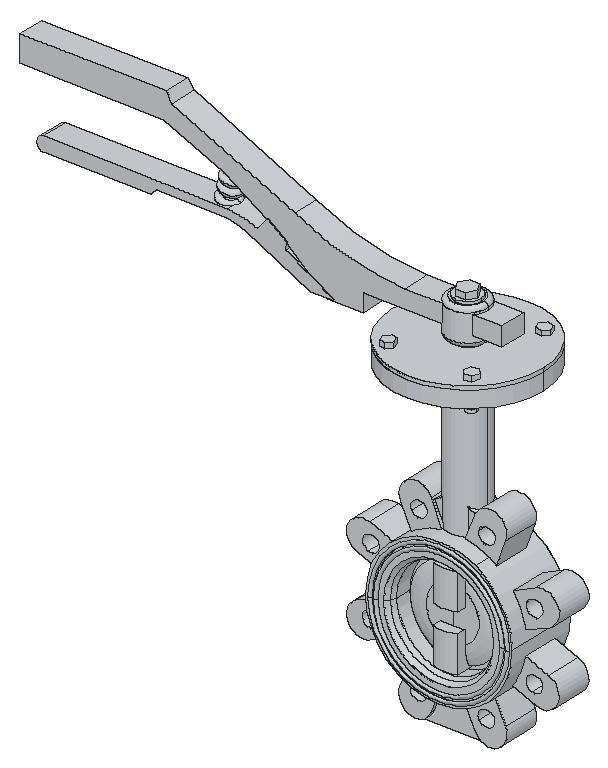
Revit family "R59FLX005", category Plumbing Fixtures, Revit 2015
Reference planes
  plane 1 "Center (Front/Back)": y = 0
  plane 2: z = 0
  plane 3 "Center (Left/Right)": x = 0
  plane 4: z = 140
  plane 5: x = -260
  plane 6: z = 217
  plane 7: z = 187
  plane 8: z = -63.5
  plane 9: z = -30
  plane 10: z = 170
  plane 11: z = -30
  plane 12: y = -21.488
  plane 13: y = 21.512
Forms (mm)
  Extrusion 1, solid
    sketch origin (0, 0, 130) x (1, 0, 0) y (0, 1, 0)
      loop
        circle (0, 0) r 45
    from 0 to 10
  Extrusion 2, solid
    sketch origin (0, 45.948, -140.573) x (1, 0, 0) y (0, 0, 1)
      loop
        arc (-96.679, 319.319) -> (-132.67, 336.792) -> (-169.654, 352.049) r 659.286
        line (-169.654, 352.049) -> (-172.843, 357.573) -> (-260, 357.573) -> (-260, 341.853) -> (-174.471, 341.853)
        arc (-174.471, 341.853) -> (-122.152, 316.93) -> (-77.024, 280.573) r 248.649
        line (-77.024, 280.573) -> (-55.568, 280.573) -> (-55.568, 291.199) -> (26.878, 291.199) -> (26.878, 302.179) -> (-30.767, 302.179)
        arc (-30.767, 302.179) -> (-64.704, 306.978) -> (-96.679, 319.319) r 150.722
    from 37.966 to 54.11
  Extrusion 3, solid
    sketch origin (-37.783, 45.948, -210.087) x (1, 0, 0) y (0, 0, 1)
      loop
        line (-98.516, 377.301) -> (-208.006, 377.301)
        arc (-208.006, 377.301) -> (-212.274, 373.033) -> (-208.006, 368.766) r 4.268
        line (-208.006, 368.766) -> (-144.475, 368.766) -> (-140.939, 372.301) -> (-103.305, 372.301)
        arc (-103.305, 372.301) -> (-95.507, 371.471) -> (-88.058, 369.019) r 37.057
        arc (-88.058, 369.019) -> (-68.407, 360.05) -> (-49.241, 350.087) r 421.945
        line (-49.241, 350.087) -> (-34.866, 350.087)
        arc (-34.866, 350.087) -> (-48.985, 359.43) -> (-64, 367.252) r 162.429
        line (-64, 367.252) -> (-63.437, 371.843) -> (-74.98, 380.231) -> (-80.609, 372.485)
        arc (-80.609, 372.485) -> (-89.36, 375.646) -> (-98.516, 377.301) r 55.494
    from 37.966 to 54.11
  Extrusion 4, solid
    sketch origin (0, 0, -76.95) x (1, 0, 0) y (0, 1, 0)
      loop
        circle (0, 0) r 12
    from 118.947 to 206.95
  Revolve 5, solid
    sketch origin (0, 0, 0) x (0, 1, 0) y (0, 0, 1)
      loop
        line (11.11, 0) -> (-11.11, 0) -> (-11.11, -15.844)
        arc (-11.11, -15.844) -> (-10.348, -21.777) -> (-8.11, -27.324) r 23.466
        line (-8.11, -27.324) -> (-6.091, -27.324) -> (-6.091, -30.094) -> (6.091, -30.094) -> (6.091, -27.324) -> (8.11, -27.324)
        arc (8.11, -27.324) -> (10.348, -21.777) -> (11.11, -15.844) r 23.466
        line (11.11, -15.844) -> (11.11, 0)
      axis (11.11, 0) -> (-11.11, 0)
    angle from 0 to 360
  Blend 6, solid
    base sketch origin (0, 0, -4.163) x (1, 0, 0) y (0, 1, 0)
      loop
        line (-6.883, 16.4) -> (-6.883, -16.4)
        arc (-6.883, -16.4) -> (0, -18.078) -> (6.883, -16.4) r 14.953
        line (6.883, -16.4) -> (6.883, 16.4)
        arc (6.883, 16.4) -> (0, 18.078) -> (-6.883, 16.4) r 14.953
    top sketch origin (0, 0, 0) x (1, 0, 0) y (0, 1, 0)
      loop
        line (-6.883, 16.4) -> (-6.883, -16.4)
        arc (-6.883, -16.4) -> (0, -18.078) -> (6.883, -16.4) r 14.953
        line (6.883, -16.4) -> (6.883, 16.4)
        arc (6.883, 16.4) -> (0, 18.078) -> (-6.883, 16.4) r 14.953
    from 10.163 to 27.413
  Blend 7, solid
    base sketch origin (0, 0, -38.601) x (0, -1, 0) y (1, 0, 0)
      loop
        line (-16.4, -6.883) -> (16.4, -6.883)
        arc (16.4, -6.883) -> (18.078, 0) -> (16.4, 6.883) r 14.953
        line (16.4, 6.883) -> (-16.4, 6.883)
        arc (-16.4, 6.883) -> (-18.078, 0) -> (-16.4, -6.883) r 14.953
    top sketch origin (0, 0, -35.117) x (0, -1, 0) y (1, 0, 0)
      loop
        line (-16.4, -6.883) -> (16.4, -6.883)
        arc (16.4, -6.883) -> (18.078, 0) -> (16.4, 6.883) r 14.953
        line (16.4, 6.883) -> (-16.4, 6.883)
        arc (-16.4, 6.883) -> (-18.078, 0) -> (-16.4, -6.883) r 14.953
    from 11.112 to 29.117
  Extrusion 8, solid
    sketch origin (8.63, 0, -18.022) x (0.99863, 0, -0.052336) y (0.052336, 0, 0.99863)
      loop
        line (-18.251, 60.114) -> (-25.459, 74.264)
        arc (-25.459, 74.264) -> (-38.908, 78.635) -> (-43.28, 65.186) r 10
        line (-43.28, 65.186) -> (-36.072, 51.036) -> (-18.251, 60.114)
      loop
        circle (-32.1, 65.269) r 5
    from -10.546 to 10.991
  Extrusion 9, solid
    sketch origin (-6.641, 0, -18.846) x (0.669131, 0, -0.743145) y (0.743145, 0, 0.669131)
      loop
        line (-18.251, 60.114) -> (-25.459, 74.264)
        arc (-25.459, 74.264) -> (-38.908, 78.635) -> (-43.28, 65.186) r 10
        line (-43.28, 65.186) -> (-36.072, 51.036) -> (-18.251, 60.114)
      loop
        circle (-32.1, 65.269) r 5
    from -10.546 to 10.991
  Extrusion 10, solid
    sketch origin (-18.022, 0, -8.63) x (-0.052336, 0, -0.99863) y (0.99863, 0, -0.052336)
      loop
        line (-18.251, 60.114) -> (-25.459, 74.264)
        arc (-25.459, 74.264) -> (-38.908, 78.635) -> (-43.28, 65.186) r 10
        line (-43.28, 65.186) -> (-36.072, 51.036) -> (-18.251, 60.114)
      loop
        circle (-32.1, 65.269) r 5
    from -10.546 to 10.991
  Extrusion 11, solid
    sketch origin (-18.846, 0, 6.641) x (-0.743145, 0, -0.669131) y (0.669131, 0, -0.743145)
      loop
        line (-18.251, 60.114) -> (-25.459, 74.264)
        arc (-25.459, 74.264) -> (-38.908, 78.635) -> (-43.28, 65.186) r 10
        line (-43.28, 65.186) -> (-36.072, 51.036) -> (-18.251, 60.114)
      loop
        circle (-32.1, 65.269) r 5
    from -10.546 to 10.991
  Extrusion 12, solid
    sketch origin (-8.63, 0, 18.022) x (-0.99863, 0, 0.052336) y (-0.052336, 0, -0.99863)
      loop
        line (-18.251, 60.114) -> (-25.459, 74.264)
        arc (-25.459, 74.264) -> (-38.908, 78.635) -> (-43.28, 65.186) r 10
        line (-43.28, 65.186) -> (-36.072, 51.036) -> (-18.251, 60.114)
      loop
        circle (-32.1, 65.269) r 5
    from -10.546 to 10.991
  Extrusion 13, solid
    sketch origin (6.641, 0, 18.846) x (-0.669131, 0, 0.743145) y (-0.743145, 0, -0.669131)
      loop
        line (-18.251, 60.114) -> (-25.459, 74.264)
        arc (-25.459, 74.264) -> (-38.908, 78.635) -> (-43.28, 65.186) r 10
        line (-43.28, 65.186) -> (-36.072, 51.036) -> (-18.251, 60.114)
      loop
        circle (-32.1, 65.269) r 5
    from -10.546 to 10.991
  Extrusion 14, solid
    sketch origin (18.022, 0, 8.63) x (0.052336, 0, 0.99863) y (-0.99863, 0, 0.052336)
      loop
        line (-18.251, 60.114) -> (-25.459, 74.264)
        arc (-25.459, 74.264) -> (-38.908, 78.635) -> (-43.28, 65.186) r 10
        line (-43.28, 65.186) -> (-36.072, 51.036) -> (-18.251, 60.114)
      loop
        circle (-32.1, 65.269) r 5
    from -10.546 to 10.991
  Extrusion 15, solid
    sketch origin (18.846, 0, -6.641) x (0.743145, 0, 0.669131) y (-0.669131, 0, 0.743145)
      loop
        line (-18.251, 60.114) -> (-25.459, 74.264)
        arc (-25.459, 74.264) -> (-38.908, 78.635) -> (-43.28, 65.186) r 10
        line (-43.28, 65.186) -> (-36.072, 51.036) -> (-18.251, 60.114)
      loop
        circle (-32.1, 65.269) r 5
    from -10.546 to 10.991
  Extrusion 16, solid
    sketch origin (99.126, -27.447, 142) x (0, -1, 0) y (1, 0, 0)
      loop
        line (3.99, -123.113) -> (0.805, -120.344) -> (-3.184, -121.718) -> (-3.99, -125.86) -> (-0.805, -128.628) -> (3.184, -127.254) -> (3.99, -123.113)
    from 0 to 3
  Extrusion 17, solid
    sketch origin (99.126, -27.447, 122) x (0, -1, 0) y (1, 0, 0)
      loop
        circle (0, -124.486) r 3
    from 2.505 to 20
  Extrusion 18, solid
    sketch origin (99.126, -27.447, 129) x (0, -1, 0) y (1, 0, 0)
      loop
        line (3.99, -123.113) -> (0.805, -120.344) -> (-3.184, -121.718) -> (-3.99, -125.86) -> (-0.805, -128.628) -> (3.184, -127.254) -> (3.99, -123.113)
      loop
        line (-3.444, -125.672) -> (-0.695, -128.061) -> (2.749, -126.876) -> (3.444, -123.301) -> (0.695, -120.911) -> (-2.749, -122.097) -> (-3.444, -125.672)
    from -1.968 to 1
  Extrusion 19, solid, not visible
    sketch origin (26.117, -96.518, 104.233) x (0, -1, 0) y (1, 0, 0)
      loop
        line (3.99, -123.113) -> (0.805, -120.344) -> (-3.184, -121.718) -> (-3.99, -125.86) -> (-0.805, -128.628) -> (3.184, -127.254) -> (3.99, -123.113)
    from 0 to 3
  Extrusion 20, solid, not visible
    sketch origin (26.117, -96.518, 84.233) x (0, -1, 0) y (1, 0, 0)
      loop
        circle (0, -124.486) r 3
    from 2.505 to 20
  Extrusion 21, solid, not visible
    sketch origin (26.117, -96.518, 91.233) x (0, -1, 0) y (1, 0, 0)
      loop
        line (3.99, -123.113) -> (0.805, -120.344) -> (-3.184, -121.718) -> (-3.99, -125.86) -> (-0.805, -128.628) -> (3.184, -127.254) -> (3.99, -123.113)
      loop
        line (-3.444, -125.672) -> (-0.695, -128.061) -> (2.749, -126.876) -> (3.444, -123.301) -> (0.695, -120.911) -> (-2.749, -122.097) -> (-3.444, -125.672)
    from -1.968 to 1
  Extrusion 22, solid
    sketch origin (0, 0, 140) x (1, 0, 0) y (0, 1, 0)
      loop
        circle (0, 0) r 45
    from 0 to 2
  Extrusion 23, solid
    sketch origin (99.126, -27.447, 142) x (0, -1, 0) y (1, 0, 0)
      loop
        line (-58.884, -123.113) -> (-58.079, -127.254) -> (-54.09, -128.628) -> (-50.905, -125.86) -> (-51.71, -121.718) -> (-55.7, -120.344) -> (-58.884, -123.113)
    from 0 to 3
  Extrusion 24, solid
    sketch origin (99.126, -27.447, 122) x (0, -1, 0) y (1, 0, 0)
      loop
        circle (-54.895, -124.486) r 3
    from 2.505 to 20
  Extrusion 25, solid
    sketch origin (99.126, -27.447, 129) x (0, -1, 0) y (1, 0, 0)
      loop
        line (-58.884, -123.113) -> (-58.079, -127.254) -> (-54.09, -128.628) -> (-50.905, -125.86) -> (-51.71, -121.718) -> (-55.7, -120.344) -> (-58.884, -123.113)
      loop
        line (-51.451, -125.672) -> (-52.146, -122.097) -> (-55.59, -120.911) -> (-58.339, -123.301) -> (-57.644, -126.876) -> (-54.2, -128.061) -> (-51.451, -125.672)
    from -1.968 to 1
  Extrusion 26, solid
    sketch origin (-100.376, 27.447, 142) x (0, 1, 0) y (-1, 0, 0)
      loop
        line (-58.884, -123.113) -> (-58.079, -127.254) -> (-54.09, -128.628) -> (-50.905, -125.86) -> (-51.71, -121.718) -> (-55.7, -120.344) -> (-58.884, -123.113)
    from 0 to 3
  Extrusion 27, solid
    sketch origin (-100.376, 27.447, 122) x (0, 1, 0) y (-1, 0, 0)
      loop
        circle (-54.895, -124.486) r 3
    from 2.505 to 20
  Extrusion 28, solid
    sketch origin (-100.376, 27.447, 129) x (0, 1, 0) y (-1, 0, 0)
      loop
        line (-58.884, -123.113) -> (-58.079, -127.254) -> (-54.09, -128.628) -> (-50.905, -125.86) -> (-51.71, -121.718) -> (-55.7, -120.344) -> (-58.884, -123.113)
      loop
        line (-51.451, -125.672) -> (-52.146, -122.097) -> (-55.59, -120.911) -> (-58.339, -123.301) -> (-57.644, -126.876) -> (-54.2, -128.061) -> (-51.451, -125.672)
    from -1.968 to 1
  Extrusion 29, solid
    sketch origin (-100.376, 27.447, 142) x (0, 1, 0) y (-1, 0, 0)
      loop
        line (3.99, -123.113) -> (0.805, -120.344) -> (-3.184, -121.718) -> (-3.99, -125.86) -> (-0.805, -128.628) -> (3.184, -127.254) -> (3.99, -123.113)
    from 0 to 3
  Extrusion 30, solid
    sketch origin (-100.376, 27.447, 122) x (0, 1, 0) y (-1, 0, 0)
      loop
        circle (0, -124.486) r 3
    from 2.505 to 20
  Extrusion 31, solid
    sketch origin (-100.376, 27.447, 129) x (0, 1, 0) y (-1, 0, 0)
      loop
        line (3.99, -123.113) -> (0.805, -120.344) -> (-3.184, -121.718) -> (-3.99, -125.86) -> (-0.805, -128.628) -> (3.184, -127.254) -> (3.99, -123.113)
      loop
        line (-3.444, -125.672) -> (-0.695, -128.061) -> (2.749, -126.876) -> (3.444, -123.301) -> (0.695, -120.911) -> (-2.749, -122.097) -> (-3.444, -125.672)
    from -1.968 to 1
  Extrusion 32, solid
    sketch origin (125.063, -27.447, 167.144) x (0, -1, 0) y (1, 0, 0)
      loop
        line (-32.638, -122.069) -> (-32.638, -128.062) -> (-27.447, -131.059) -> (-22.257, -128.062) -> (-22.257, -122.069) -> (-27.447, -119.072) -> (-32.638, -122.069)
    from -1.014 to 2.856
  Extrusion 33, solid
    sketch origin (124.477, -54.895, 162.2) x (0, -1, 0) y (1, 0, 0)
      loop
        circle (-54.895, -124.486) r 8
    from -22.2 to 3.931
  Sweep 34, solid
    path origin (0, 0, 0) x (1, 0, 0) y (0, 0, 1)
      loop
        circle (0, 0) r 43.5
    profile origin (0, 0, -43.5) x (0, 0, 1) y (0, -1, 0)
      loop
        line (0, 21.512) -> (0, -21.512) -> (1.609, -21.512)
        arc (1.609, -21.512) -> (2.622, -22.526) -> (3.636, -21.512) r 1.014
        line (3.636, -21.512) -> (4.909, -21.512)
        arc (4.909, -21.512) -> (5.923, -22.526) -> (6.937, -21.512) r 1.014
        line (6.937, -21.512) -> (10.541, -21.512) -> (12.517, -18.672) -> (13.454, -15.174) -> (13.454, 15.174) -> (12.517, 18.672) -> (10.541, 21.512) -> (6.937, 21.512)
        arc (6.937, 21.512) -> (5.923, 22.526) -> (4.909, 21.512) r 1.014
        line (4.909, 21.512) -> (3.636, 21.512)
        arc (3.636, 21.512) -> (2.622, 22.526) -> (1.609, 21.512) r 1.014
        line (1.609, 21.512) -> (0, 21.512)
  Extrusion 35, solid
    sketch origin (0, 0, -20.66) x (1, 0, 0) y (0, 0, 1)
      loop
        line (-16.47, 75.846) -> (-9.856, 60.987) -> (9.323, 60.987) -> (15.146, 76.152)
        arc (15.146, 76.152) -> (6.998, 80.48) -> (1.583, 87.951) r 20.435
        line (1.583, 87.951) -> (1.583, 61.435) -> (-1.691, 61.435) -> (-1.691, 87.701)
        arc (-1.691, 87.701) -> (-7.623, 79.957) -> (-16.47, 75.846) r 20.435
    from -7.881 to 9.454
  Extrusion 36, solid
    sketch origin (-2.813, 0.293, 18.193) x (1, 0, 0) y (0, 0, 1)
      loop
        line (18.113, -76.16) -> (11.358, -60.987) -> (-7.552, -60.987) -> (-13.233, -75.781)
        arc (-13.233, -75.781) -> (-15.163, -78.916) -> (-18.097, -81.141) r 10
        line (-18.097, -81.141) -> (24.641, -81.141)
        arc (24.641, -81.141) -> (20.741, -79.484) -> (18.113, -76.16) r 8.561
    from -9.388 to 9.974
  Revolve 37, solid
    sketch origin (0, 0, 0) x (1, 0, 0) y (0, 0, 1)
      loop
        line (-9.486, 143.746) -> (0, 143.746) -> (0, 165) -> (-9.486, 165)
        arc (-9.486, 165) -> (-11.259, 164.265) -> (-11.994, 162.492) r 2.508
        line (-11.994, 162.492) -> (-11.994, 146.254)
        arc (-11.994, 146.254) -> (-11.259, 144.481) -> (-9.486, 143.746) r 2.508
      axis (0, 143.746) -> (0, 165)
    angle from 0 to 360
  Sweep 38, solid
    path origin (-48.156, 0, 166.496) x (0.978732, 0, -0.205142) y (0, 1, 0)
      loop
        circle (-92.344, 0) r 5
    profile origin (-138.536, 5, 185.439) x (0, -1, 0) y (0.205142, 0, 0.978732)
      loop
        circle (0, 0) r 2
  Sweep 39, solid
    path origin (-49.24, 0, 160.236) x (0.978732, 0, -0.205142) y (0, 1, 0)
      loop
        circle (-92.344, 0) r 5
    profile origin (-139.62, 5, 179.18) x (0, -1, 0) y (0.205142, 0, 0.978732)
      loop
        circle (0, 0) r 2
  Sweep 40, solid
    path origin (-50.258, 0, 154.62) x (0.978732, 0, -0.205142) y (0, 1, 0)
      loop
        circle (-92.344, 0) r 5
    profile origin (-140.638, 5, 173.564) x (0, -1, 0) y (0.205142, 0, 0.978732)
      loop
        circle (0, 0) r 2
  Sweep 41, solid
    path origin (-51.686, 0, 147.994) x (0.978732, 0, -0.205142) y (0, 1, 0)
      loop
        circle (-92.344, 0) r 5
    profile origin (-142.066, 5, 166.938) x (0, -1, 0) y (0.205142, 0, 0.978732)
      loop
        circle (0, 0) r 2
  Sweep 42, solid
    path origin (-0.002, 0, 0) x (1, 0, 0) y (0, 0, 1)
      loop
        circle (0, 0) r 43.5
    profile origin (-0.002, 0, -43.5) x (0, 0, 1) y (0, -1, 0)
      loop
        line (0, 21.488) -> (0, -21.512) -> (3.948, -21.512) -> (3.948, 21.488) -> (0, 21.488)
Dimensions and locks
  locked: plane 2 to plane 4 at 140
  plane 3 "Center (Left/Right)" to plane 5 = 260 mm
  level to plane 6 = 217 mm
  plane 8 to level = 63.5 mm
  locked: plane 4 to plane 10 at 30
  plane 13 to plane 12 = 43 mm
  aligned and locked: level to plane 2
